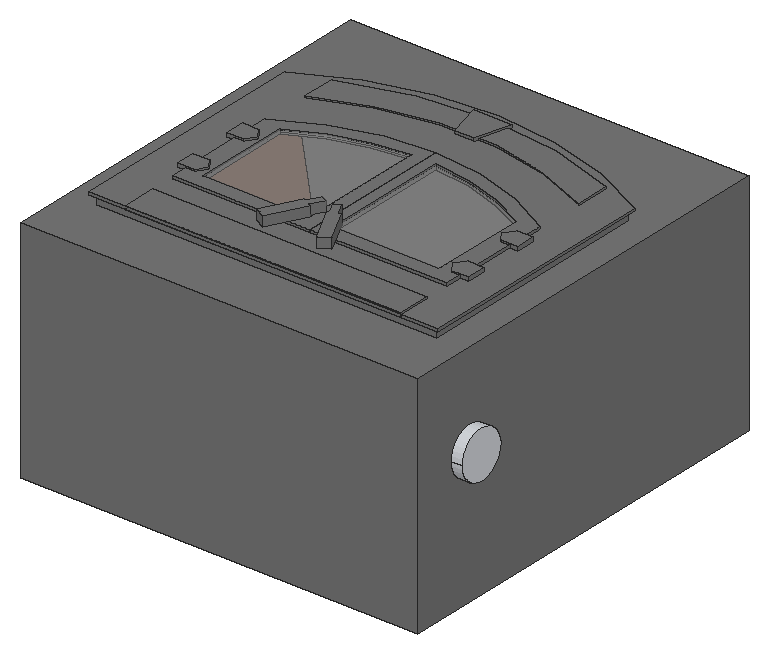
Revit family "Fireplace_Wood_Heatilator_Constitution", category Mechanical Equipment, host Face, Revit 2015
Parameters (values of type "CONSTITUTION-NT")
  topventrad [instance] = Top Vent Diameter / 2  # 0' - 4"
  airoutletrad [instance] = Air Outlet Diameter / 2  # 0' - 1 1/2"
  airinletrad [instance] = Air Inlet Diameter / 2  # 0' - 2"
  Warranty Duration (Years) = 0
  Unit Width = 3' - 6"
  Unit Weight = 650
  Unit Height = 3' - 7 3/4"
  Unit Depth = 2' - 0 1/8"
  URL = "http://www.heatilator.com/"
  Test Data = ""
  Standards Conformance = "EPA Certified"
  Specification = ""
  SpecWizard = ""
  Send Message = "http://www.arcat.com/users.pl?action=UserEmail&amp;company=Heatilator<sup><small></small></sup>&amp;coid=49248&amp;rep=144&amp;fax=&amp;mf=95"
  Sales Information = "http://www.heatilator.com/Contact-Us.aspx"
  Revision = "R1_04_2014"
  Recess Into Host [instance] = 2' - 1 1/8"
  Rear Wall Finish [instance] = Masonry - HeatNGlo - Brick as Specified
  Product Properties = ""
  Product Data = "http://www.arcat.com/arcatcos/cos9549/arc49248.html"
  Opening Width = 3' - 1"
  Opening Height = 2' - 7 1/8"
  Mounting Height [instance] = 1' - 10.76867"
  Model = "CONSTITUTION-NT"
  Manufacturer Website = "http://www.heatilator.com/"
  Manufacturer Phone - Toll Free = "800-927-6841"
  Manufacturer Phone = ""
  Manufacturer Fax = ""
  Manufacturer Address = "7571 215th St. W.  Lakeville, MN 55044"
  Manufacturer = "Heatilator"
  Maintenance Schedule (Months) = 0
  Keynote = "10305"
  Installation-Fabrication = ""
  Installation Phase = ""
  Include Blower [instance] = yes
  Heating Capacity = "2600 sq ft"
  HVAC_BTU Output = 51000.0 Btu/h
  Green Building-LEED = ""
  Glazing Tint [instance] = Glazing - HeatNGlo - Clear
  Fuel Type = "Cord Wood"
  Fuel Consumption = "as Specified"
  Fixture Finish = Metal - HeatNGlo - Metallic Black
  Expected Lifespan (Years) = 0
  Top Vent Diameter [instance] = 0' - 8"
  Electrical_Voltage = 120 V
  Efficiency Ratings = "Steady State 77.8%"
  Drawn By = "Sumex Design, Inc. / Robert S. Weygant, CSI, CDT, SCIP"
  Description = "Heatilator Woodburning Fireplace - Constitution as Specified"
  Default Elevation = 0' - 0"
  Copyright = "©Arcat Inc."
  Construction Details = ""
  Building Codes = ""
  Blower Location [instance] = "[Right][Left][Right and Left]"
  Assembly Code = "D3020"
  Air Outlet Diameter [instance] = 0' - 3"
  Air Inlet Diameter [instance] = 0' - 4"
Types (3): name | Model
  CONSTITUTION-NT | "CONSTITUTION-NT"
  CONSTITUTION-GT | "CONSTITUTION-GT"
  CONSTITUTION-BK | "CONSTITUTION-BK"
Reference planes (in)
  plane 1 "Opening CL": y = 0
  plane 2: z = 0
  plane 3 "Center (Left/Right)": x = 0
  plane 4: z = -25.125
  plane 5 "Front": z = -1
  plane 6: x = -18.5
  plane 7: x = 18.5
  plane 8: y = 18.5625
  plane 9 "FF": y = -41.20617
  plane 10: y = -18.4375
  plane 11: y = -12.5625
Forms (in)
  Extrusion 1, solid, material "Metal - HeatNGlo - Metallic Black" <- "Fixture Finish"
    sketch origin (0, -16.31553, -1) x (0, -1, 0) y (1, 0, 0)
      loop
        line (-29.46865, -18) -> (-4.25303, -18) -> (-4.25303, 18) -> (-29.46865, 18)
        arc (-29.46865, 18) -> (-34.37803, 0) -> (-29.46865, -18) r 35.45274
      loop
        line (-26.50303, -14.5) -> (-9.87803, -14.5) -> (-9.87803, 14.5) -> (-26.50303, 14.5) -> (-26.50303, -14.5)
    from 0 to 1
  Extrusion 2, solid, material "Metal - HeatNGlo - Metallic Black" <- "Fixture Finish"
    sketch origin (-6.5, -18.4375, 48) x (1, 0, 0) y (0, 0, 1)
      loop
        line (-14.5, -49) -> (-14.5, -73.125) -> (27.5, -73.125) -> (27.5, -49) -> (-14.5, -49)
    from 0 to -9.375
  Extrusion 3, solid, material "Metal - HeatNGlo - Metallic Black" <- "Fixture Finish"
    sketch origin (-21.8749, -12.5625, 48) x (-1, 0, 0) y (0, 0, 1)
      loop
        line (-42.8749, -49) -> (-42.8749, -73.125) -> (-0.8749, -73.125) -> (-0.8749, -49) -> (-7.3749, -49) -> (-9.49082, -61) -> (-34.25898, -61) -> (-36.3749, -49) -> (-42.8749, -49)
    from 3.5 to 22.75
  Extrusion 4, solid, material "Metal - HeatNGlo - Metallic Black" <- "Fixture Finish"
    sketch origin (-6.5, -18.4375, 48) x (1, 0, 0) y (0, 0, 1)
      loop
        line (-14.5, -49) -> (-14.5, -73.125) -> (27.5, -73.125) -> (27.5, -49) -> (-14.5, -49)
    from -28.625 to -43.75
  Extrusion 5, void
    sketch origin (0, 0, 0) x (1, 0, 0) y (0, 1, 0)
      loop
        line (18.5, 18.5625) -> (-18.5, 18.5625) -> (-18.5, -12.5625) -> (18.5, -12.5625) -> (18.5, 18.5625)
    from -25.125 to 5.63952
  Extrusion 6, solid
    sketch origin (-6.5, -18.4375, 48) x (1, 0, 0) y (0, 0, 1)
      loop
        circle (6.5, -60.125) r 5
    from -43.75 to -38.97928
  Extrusion 7, solid
    sketch origin (0, 0, 0) x (0, 1, 0) y (0, 0, 1)
      loop
        circle (-11.5625, -10.75) r 2.5
    from 21 to 22.27911
  Extrusion 8, solid
    sketch origin (-6.5, -18.4375, 48) x (1, 0, 0) y (0, 0, 1)
      loop
        circle (-10.6875, -70) r 1.5
      loop
        circle (23.6875, -70) r 1.5
    from -43.75 to -38.97928
Cuts and joins
  joined: Extrusion 2, Extrusion 3, Extrusion 4
Dimensions and locks (in)
  "Recess Into Host": level to plane 4
  "Unit Depth": plane 5 "Front" to plane 4
  equal spacing: plane 6, plane 3 "Center (Left/Right)", plane 7
  "Opening Width": plane 6 to plane 7
  "Mounting Height": plane 10 to plane 9 "FF"
  locked: plane 10 to plane 11 at 5.875
  "Opening Height": plane 8 to plane 11
  locked: Extrusion 1 sketch curve to plane 11 at 0.5
  plane 8 to Extrusion 1 sketch curve to Extrusion 1 sketch curve = 0' - 0 1/2" locked, 0' - 4.90938" locked
  locked: plane 8 to Extrusion 1 sketch curve at 5.40938
  Extrusion 1 sketch curve to Extrusion 1 sketch curve to plane 11 = 1' - 4 5/8" locked, 0' - 6 1/8" locked
  locked: plane 5 "Front" to Extrusion 6 sketch curve at 11.125
  locked: plane 5 "Front" to Extrusion 7 sketch curve at 9.75
  locked: plane 10 to Extrusion 7 sketch curve at 6.875
  locked: Extrusion 8 sketch curve to plane 4 at 3.125  (x2)
  locked: plane 5 "Front" to Extrusion 3 sketch curve at 12
  aligned and locked: plane 2 to host face
  aligned and locked: level to host face
  aligned and locked: plane 3 "Center (Left/Right)" to nested 1
  aligned and locked: nested 1 to plane 11
  aligned and locked: plane 4 to Extrusion 2 sketch curve
  aligned and locked: Extrusion 2 sketch curve to plane 5 "Front"
  aligned: Extrusion 3 to plane 8
  aligned: Extrusion 2 to plane 11
  aligned: Extrusion 4 to plane 8
  aligned and locked: Extrusion 5 sketch curve to plane 8
  aligned and locked: Extrusion 5 sketch curve to plane 11
  aligned and locked: Extrusion 5 sketch curve to plane 7
  aligned and locked: Extrusion 5 sketch curve to plane 6
  aligned: Extrusion 5 to plane 5 "Front"
  aligned and locked: Extrusion 5 to plane 4
Automatic sketch dimensions
  host sketch curve to host sketch curve = 8' - 0"  (x2)
  Extrusion 1 sketch curve to plane 3 "Center (Left/Right)" = 0' - 0"
  Extrusion 1 sketch curve to plane 10 = 0' - 1.04726"
  plane 6 to Extrusion 1 sketch curve = 0' - 4"
  Extrusion 1 sketch curve to plane 7 = 0' - 4"
  Extrusion 2 sketch curve to plane 6 = 0' - 2 1/2"
  plane 7 to Extrusion 2 sketch curve = 0' - 2 1/2"
  Extrusion 3 sketch curve to plane 5 "Front" = 0' - 0"  (x2)
  Extrusion 3 sketch curve to plane 4 = 0' - 0"
  plane 7 to Extrusion 3 sketch curve = 0' - 2 1/2"
  Extrusion 3 sketch curve to plane 7 = 0' - 4"
  Extrusion 3 sketch curve to plane 7 = 0' - 6.11592"
  plane 6 to Extrusion 3 sketch curve = 0' - 6.11592"
  plane 6 to Extrusion 3 sketch curve = 0' - 4"
  Extrusion 3 sketch curve to plane 6 = 0' - 2 1/2"
  Extrusion 4 sketch curve to plane 5 "Front" = 0' - 0"
  Extrusion 4 sketch curve to plane 4 = 0' - 0"
  Extrusion 4 sketch curve to plane 6 = 0' - 2 1/2"
  plane 7 to Extrusion 4 sketch curve = 0' - 2 1/2"
  Extrusion 6 sketch curve to plane 3 "Center (Left/Right)" = 0' - 0"
  plane 6 to Extrusion 8 sketch curve = 0' - 1 5/16"
  Extrusion 8 sketch curve to plane 7 = 0' - 1 5/16"
  radius of Extrusion 6 sketch curve = 0' - 5"
  radius of Extrusion 7 sketch curve = 0' - 2 1/2"
  radius of Extrusion 8 sketch curve = 0' - 1 1/2"  (x2)
Nested families (in)
  nested 1: "Faceplate" at (0, -12.5625, 0), glazing <- "Glazing Tint", finish <- "Fixture Finish", type "Faceplate"
    with glazing Glazing - HeatNGlo - Clear, finish Metal - HeatNGlo - Metallic Black
Connectors (in)
  hvac at (0, 25.3125, -12.125), driven by "Top Vent Diameter"
    settings: on Extrusion 6, index 1, duct flow 0 CFM, flow factor 0, pres drop 0.00 in-wg, loss coef 0, conn angle 0.00°, conn width 12", conn height 12", conn diameter 16", duct sys type 3, conn prof type 0, flow config 0, flow direction 2, loss method 0, conn ref index -1, conn util no, is conn primary yes, conn desc ""
  hvac at (22.27911, -11.5625, -10.75), driven by "airinletrad"
    settings: on Extrusion 7, index 2, duct flow 0 CFM, flow factor 0, pres drop 0.00 in-wg, loss coef 0, conn angle 0.00°, conn width 12", conn height 12", conn diameter 4", duct sys type 1, conn prof type 0, flow config 0, flow direction 1, loss method 0, conn ref index -1, conn util no, is conn primary no, conn desc "Combustion Air Inlet"
  hvac at (-17.1875, 25.3125, -22), driven by "Air Outlet Diameter"
    settings: on Extrusion 8, index 3, duct flow 0 CFM, flow factor 0, pres drop 0.00 in-wg, loss coef 0, conn angle 0.00°, conn width 12", conn height 12", conn diameter 6", duct sys type 1, conn prof type 0, flow config 0, flow direction 2, loss method 0, conn ref index -1, conn util no, is conn primary no, conn desc "Heated Air Outlet"
  hvac at (17.1875, 25.3125, -22), driven by "Air Outlet Diameter"
    settings: on Extrusion 8, index 4, duct flow 0 CFM, flow factor 0, pres drop 0.00 in-wg, loss coef 0, conn angle 0.00°, conn width 12", conn height 12", conn diameter 6", duct sys type 1, conn prof type 0, flow config 0, flow direction 2, loss method 0, conn ref index -1, conn util no, is conn primary no, conn desc "Heated Air Outlet"
  electrical at (21, 3.4375, -13.0625), driven by "Electrical_Voltage"
    settings: on cut or joined group of Extrusion 2, Extrusion 3, Extrusion 4, index 5, voltage 120 V, apparent load 0 VA, apparent load phase1 0 VA, apparent load phase2 0 VA, apparent load phase3 0 VA, power factor 1, load classification "Other", number of poles 1, system type 31, power factor state 1, is connector primary yes, connector utility no, sub classification motor no, connector description ""
Definition of nested family "Faceplate"
  Parameters
    glazing [instance] = none
    finish [instance] = none
    Default Elevation = 4' - 0"
  Reference planes (in)
    plane 1 "Center (Front/Back)": y = 0
    plane 2: z = 0
    plane 3 "Center (Left/Right)": x = 0
  Forms (in)
    Extrusion 1, solid, material <- "finish"
      sketch origin (21.16336, -3.39571, 0) x (1, 0, 0) y (0, 1, 0)
        loop
          line (-39.66336, 3.39571) -> (-2.66336, 3.39571) -> (-2.66336, 29.39571)
          arc (-2.66336, 29.39571) -> (-21.16336, 34.52071) -> (-39.66336, 29.39571) r 35.95274
          line (-39.66336, 29.39571) -> (-39.66336, 3.39571)
        loop
          line (-35.66336, 9.52071) -> (-6.66336, 9.52071) -> (-6.66336, 21.77071)
          arc (-6.66336, 21.77071) -> (-21.16336, 26.14571) -> (-35.66336, 21.77071) r 26.21607
          line (-35.66336, 21.77071) -> (-35.66336, 9.52071)
      from 0 to 0.25
    Extrusion 2, solid, material <- "finish"
      sketch origin (21.16336, -3.39571, 0) x (1, 0, 0) y (0, 1, 0)
        loop
          line (-35.66336, 30.52071) -> (-35.66336, 27.02071)
          arc (-35.66336, 27.02071) -> (-21.16336, 30.52071) -> (-6.66336, 27.02071) r 31.78571
          line (-6.66336, 27.02071) -> (-6.66336, 30.52071)
          arc (-6.66336, 30.52071) -> (-21.16336, 33.52071) -> (-35.66336, 30.52071) r 36.54167
        loop
          line (-35.66336, 6.89571) -> (-35.66336, 3.39571) -> (-6.66336, 3.39571) -> (-6.66336, 6.89571) -> (-35.66336, 6.89571)
      from 0 to 0.375
    Extrusion 3, solid, material <- "finish"
      sketch origin (-21.16336, -3.39571, 0) x (-1, 0, 0) y (0, -1, 0)
        loop
          arc (-21.16336, -26.14571) -> (-13.59053, -25.02814) -> (-6.66336, -21.77071) r 26.21607
          line (-6.66336, -21.77071) -> (-6.66336, -9.52071) -> (-21.16336, -9.52071) -> (-21.16336, -26.14571)
        loop
          arc (-19.91336, -24.61408) -> (-14.0858, -23.61069) -> (-8.66336, -21.25179) r 24.71607
          line (-8.66336, -21.25179) -> (-8.66336, -11.02071) -> (-19.91336, -11.02071) -> (-19.91336, -24.61408)
      from 0 to 0.5
    Extrusion 4, solid, material <- "finish"
      sketch origin (21.16336, -3.39571, 0) x (1, 0, 0) y (0, 1, 0)
        loop
          line (-21.16336, 26.14571) -> (-21.16336, 9.52071) -> (-6.66336, 9.52071) -> (-6.66336, 21.77071)
          arc (-6.66336, 21.77071) -> (-13.59053, 25.02814) -> (-21.16336, 26.14571) r 26.21607
        loop
          line (-19.91336, 24.61408) -> (-19.91336, 11.02071) -> (-8.66336, 11.02071) -> (-8.66336, 21.25179)
          arc (-8.66336, 21.25179) -> (-14.0858, 23.61069) -> (-19.91336, 24.61408) r 24.71607
      from 0 to 0.5
    Extrusion 5, solid, material <- "finish"
      sketch origin (21.16336, -3.39571, 0) x (1, 0, 0) y (0, 1, 0)
        loop
          line (-36.53498, 19.85427) -> (-36.53498, 17.80639) -> (-34.78498, 17.80639) -> (-34.06801, 18.83033) -> (-34.78498, 19.85427) -> (-36.53498, 19.85427)
        loop
          line (-5.79173, 19.85427) -> (-7.54173, 19.85427) -> (-8.2587, 18.83033) -> (-7.54173, 17.80639) -> (-5.79173, 17.80639) -> (-5.79173, 19.85427)
        loop
          line (-36.53498, 13.35427) -> (-36.53498, 11.30639) -> (-34.78498, 11.30639) -> (-34.06801, 12.33033) -> (-34.78498, 13.35427) -> (-36.53498, 13.35427)
        loop
          line (-5.79173, 13.35427) -> (-7.54173, 13.35427) -> (-8.2587, 12.33033) -> (-7.54173, 11.30639) -> (-5.79173, 11.30639) -> (-5.79173, 13.35427)
      from 0 to 0.625
    Extrusion 6, solid, material <- "finish"
      sketch origin (21.16336, -3.39571, 0) x (1, 0, 0) y (0, 1, 0)
        loop
          line (-19.16336, 33.77071) -> (-23.16336, 33.77071) -> (-22.16336, 30.02071) -> (-20.16336, 30.02071) -> (-19.16336, 33.77071)
      from 0 to 0.5
    Extrusion 7, solid, material <- "finish"
      sketch origin (21.16336, -3.39571, 0) x (1, 0, 0) y (0, 1, 0)
        loop
          line (-22.22299, 12.48867) -> (-22.9272, 11.16425) -> (-23.14794, 11.28161) -> (-25.14319, 7.52909) -> (-24.03951, 6.94225) -> (-22.04425, 10.69477) -> (-22.26499, 10.81214) -> (-21.56078, 12.13656) -> (-22.22299, 12.48867)
        loop
          line (-20.10372, 12.48867) -> (-20.76593, 12.13656) -> (-20.06173, 10.81214) -> (-20.28246, 10.69477) -> (-18.28721, 6.94225) -> (-17.18352, 7.52909) -> (-19.17878, 11.28161) -> (-19.39952, 11.16425) -> (-20.10372, 12.48867)
      from 0.90711 to 1.94795
    Extrusion 8, solid, material <- "glazing"
      sketch origin (21.16336, -3.39571, 0) x (1, 0, 0) y (0, 1, 0)
        loop
          arc (-22.41336, 24.61408) -> (-28.24092, 23.61069) -> (-33.66336, 21.25179) r 24.71607
          line (-33.66336, 21.25179) -> (-33.66336, 11.02071) -> (-22.41336, 11.02071) -> (-22.41336, 24.61408)
        loop
          line (-19.91336, 11.02071) -> (-8.66336, 11.02071) -> (-8.66336, 21.25179)
          arc (-8.66336, 21.25179) -> (-14.0858, 23.61069) -> (-19.91336, 24.61408) r 24.71607
          line (-19.91336, 24.61408) -> (-19.91336, 11.02071)
      from 0.25 to 0.375
  Dimensions and locks (in)
    aligned and locked: plane 2 to level
